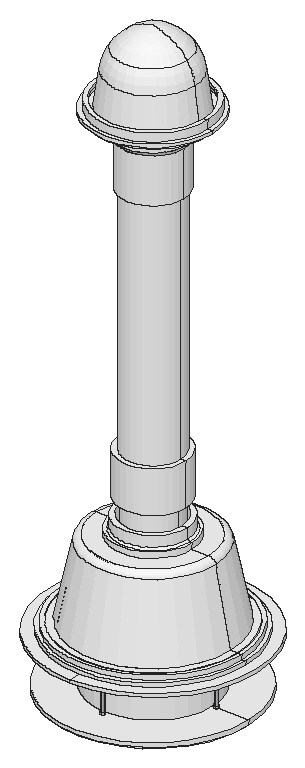
Revit family "R1200-JD-W31P24L-R1104", category Plumbing Fixtures, host Face, Revit 2018
Family settings
  Host = Face
  Round Connector Dimension = Use Radius
  Part Type = Normal
  Cut with Voids When Loaded = No
  Shared = No
  Room Calculation Point = No
Parameters (values of type "R1202,3,4-JD-W31P24L-R1104_4" Drain Pipe Size")
  WFU = 0
  URL = "WWW.MIFAB.COM"
  Pipe Radius = Pipe Diameter / 2  # 0' - 2"
  Pipe Diameter = 0' - 4"
  No Hub Standard Height = 0' - 6 1/2"
  Model = "R1202,3,4-JD-W31P24L-R1104"
  Manufacturer = "MIFAB"
  Floor Drain Material = Paint - Sherwin Williams Paint - #952C2A - Bellwood Red
  Description = "LARGE GREEN ROOF DRAIN WITH PERFORATED PVC STANDPIPE, STAINLESS STEEL MESH COVERED CAST IRON DOME AND TOP POLY DOME STRAINER"
  Default Elevation = 0' - 0"
  CWFU = 0
  Bottom Height = 0' - 3 1/2"
  Assembly Code = ""
Types (7): name | Pipe Radius | Pipe Diameter | No Hub Standard Height | Model
  (no name) | 0' - 2" | 0' - 4" | 0' - 6 1/2" | "R1202,3,4-JD-W31P24L-R1104"
  R1205,6-JD-W31P24L-R1104_6" Drain Pipe Size | 0' - 3" | 0' - 6" | 0' - 6 1/2" | "R1205,6-JD-W31P24L-R1104"
  R1208-JD-W31P24L-R1104_8" Drain Pipe Size | 0' - 4" | 0' - 8" | 0' - 6 1/2" | "R1208-JD-W31P24L-R1104"
  R1205,6-JD-W31P24L-R1104_5" Drain Pipe Size | 0' - 2 1/2" | 0' - 5" | 0' - 6 3/4" | "R1205,6-JD-W31P24L-R1104"
  R1202,3,4-JD-W31P24L-R1104_4" Drain Pipe Size | 0' - 2" | 0' - 4" | 0' - 6 1/2" | "R1202,3,4-JD-W31P24L-R1104"
  R1202,3,4-JD-W31P24L-R1104_3" Drain Pipe Size | 0' - 1 1/2" | 0' - 3" | 0' - 6 1/2" | "R1202,3,4-JD-W31P24L-R1104"
  R1202,3,4-JD-W31P24L-R1104_2" Drain Pipe Size | 0' - 1" | 0' - 2" | 0' - 6 1/2" | "R1202,3,4-JD-W31P24L-R1104"
Reference planes (in)
  plane 1 "Center (Front/Back)": y = 0
  plane 2: z = 0
  plane 3 "Center (Left/Right)": x = 0
  plane 4: z = -7.25
  plane 5: z = -3
  plane 6: z = -5
  plane 7: y = -2
  plane 8: y = 2
  plane 9: x = -2.5
  plane 10: x = 2.5
  plane 11: z = 6.125
  plane 12: x = 7.5
  plane 13: x = -7.5
  plane 14: y = 7.5
  plane 15: y = -7.5
  plane 16: z = -5.14286
  plane 17: z = -0.25
  plane 18: z = -6.5
  plane 19: y = 3.75
  plane 20: y = -3.75
  plane 21: y = 4.8125
  plane 22: y = -4.8125
  plane 23: x = 6.23869
  plane 24: x = -6.5
  plane 25: z = -3.5
  plane 26: z = -4.26379
  plane 27: x = 6.5
  plane 28: z = 30.125
  plane 29: x = 4
  plane 30: x = -4
  plane 31: z = 33.5625
  plane 32: z = 39.0625
Forms (in)
  Revolve 1, solid, material "Paint - Sherwin Williams Paint - #952C2A - Bellwood Red" <- "Floor Drain Material"
    sketch origin (0, 0.04396, -2.375) x (0, 1, 0) y (0, 0, 1)
      loop
        line (-4.16896, 2.375) -> (-7.54396, 2.375) -> (-7.54396, 2.125) -> (-4.85646, 2.125) -> (-4.85646, 1.375) -> (-4.29396, 1.375) -> (-4.29396, -2.0625) -> (-2.04396, -2.0625) -> (-2.04396, -4.125) -> (-1.79396, -4.125) -> (-1.79396, -1.8125) -> (-3.66896, -1.8125) -> (-3.66896, -0.625) -> (-4.16896, -0.625) -> (-4.16896, 2.375)
      axis (-0.04396, 2.375) -> (-0.04396, -4.125)
    angle from 0 to 360
  Revolve 2, solid, material "Paint - Sherwin Williams Paint - #952C2A - Bellwood Red" <- "Floor Drain Material"
    sketch origin (0, 0, 7.5) x (1, 0, 0) y (0, 0, 1)
      loop
        line (2.51054, -1.375) -> (2.51054, -1.70312) -> (4.05571, -1.70312)
        arc (4.05571, -1.70312) -> (4.16387, -1.74143) -> (4.22383, -1.83927) r 0.17188
        line (4.22383, -1.83927) -> (5.37391, -7.25) -> (6.13967, -7.25) -> (6.13967, -6.92209) -> (5.63967, -6.92209) -> (4.54478, -1.77104)
        arc (4.54478, -1.77104) -> (4.37037, -1.48643) -> (4.05571, -1.375) r 0.5
        line (4.05571, -1.375) -> (2.51054, -1.375)
      loop
        line (2.5, -0.07905) -> (2.16384, -0.07905) -> (2.16384, -1.51036) -> (2.5, -1.51036) -> (2.5, -1.36532) -> (2.84059, -1.36532) -> (2.84059, -0.96751) -> (2.63131, -0.96751)
        arc (2.63131, -0.96751) -> (2.53846, -0.92905) -> (2.5, -0.8362) r 0.13131
        line (2.5, -0.8362) -> (2.5, -0.07905)
      axis (0, -7.25) -> (0, -0.07905)
    angle from 0 to 360
  Revolve 3, solid, material "Paint - Sherwin Williams Paint - #952C2A - Bellwood Red" <- "Floor Drain Material"
    sketch origin (0, 0, 0) x (1, 0, 0) y (0, 0, 1)
      loop
        line (6.72286, 0) -> (6.72286, 0.25) -> (6.43654, 0.25) -> (6.43654, 0.57791) -> (6.13967, 0.57791) -> (6.13967, 0.25) -> (1.27391, 0.25) -> (1.27391, 0.40312) -> (0, 0.40312) -> (0, 0) -> (6.72286, 0)
      axis (0, 0) -> (0, 0.57791)
    angle from 0 to 360
  Revolve 4, solid, material "Paint - Sherwin Williams Paint - #952C2A - Bellwood Red" <- "Floor Drain Material"
    sketch origin (0, 0, 0) x (1, 0, 0) y (0, 0, 1)
      loop
        line (6.9375, -3.5) -> (4.35041, -3.5) -> (4.35041, -4.01379) -> (5.35041, -4.01379) -> (5.35041, -4.26379) -> (5.85041, -4.26379) -> (5.85041, -4.01379) -> (6.6875, -4.01379) -> (6.6875, -3.80633) -> (6.9375, -3.80633) -> (6.9375, -3.5)
      axis (0, -4.26379) -> (0, -3.5)
    angle from 0 to 360
  Revolve 5, solid, material "Paint - Sherwin Williams Paint - #952C2A - Bellwood Red" <- "Floor Drain Material"
    sketch origin (0, 0, 0) x (1, 0, 0) y (0, 0, 1)
      loop
        line (-1.89029, 6.82491) -> (-1.57196, 6.82491) -> (-1.57196, 9.24517) -> (-1.89029, 9.24517) -> (-1.89029, 9.99517) -> (-1.73404, 9.99517) -> (-1.73404, 30.125) -> (-2, 30.125) -> (-2, 11.67095) -> (-2.39029, 11.67095) -> (-2.39029, 8.67095) -> (-1.89029, 8.67095) -> (-1.89029, 6.82491)
      axis (0, 6.82491) -> (0, 30.125)
    angle from 0 to 360
  Revolve 6, solid, material "Paint - Sherwin Williams Paint - #952C2A - Bellwood Red" <- "Floor Drain Material"
    sketch origin (0, 0, 0) x (1, 0, 0) y (0, 0, 1)
      loop
        line (-2, 28.625) -> (-2, 31.875) -> (-2.23583, 31.875) -> (-2.23583, 28.625) -> (-2, 28.625)
      axis (0, 28.625) -> (0, 31.875)
    angle from 0 to 360
  Revolve 7, solid, material "Paint - Sherwin Williams Paint - #952C2A - Bellwood Red" <- "Floor Drain Material"
    sketch origin (0, 0, 0) x (1, 0, 0) y (0, 0, 1)
      loop
        line (-2, 30.5625) -> (-1.75, 30.5625) -> (-1.75, 31.76425) -> (-2.31305, 32.3273) -> (-2.31305, 33.5625) -> (-4, 33.5625) -> (-4, 33.29297) -> (-2.58357, 33.29297) -> (-2.58357, 32.24427) -> (-2, 31.6607) -> (-2, 30.5625)
      axis (0, 30.5625) -> (0, 33.5625)
    angle from 0 to 360
  Revolve 8, solid, material "Paint - Sherwin Williams Paint - #952C2A - Bellwood Red" <- "Floor Drain Material"
    sketch origin (0, 0, 0) x (1, 0, 0) y (0, 0, 1)
      loop
        line (0, 33.5625) -> (0, 39.0625)
        arc (0, 39.0625) -> (-1.38911, 38.60009) -> (-2.47263, 37.61549) r 3.5426
        arc (-2.47263, 37.61549) -> (-2.84738, 36.93548) -> (-3.04773, 36.18534) r 3.20685
        line (-3.04773, 36.18534) -> (-3.38725, 33.76953) -> (-3.82321, 33.76953) -> (-3.82321, 34.14536) -> (-3.68984, 34.14536) -> (-3.68984, 34.32676) -> (-4, 34.32676) -> (-4, 33.76953) -> (-4.30682, 33.76953) -> (-4.30682, 33.5625) -> (0, 33.5625)
      axis (0, 33.5625) -> (0, 39.0625)
    angle from 0 to 360
Lines and regions (in)
  model lines, not visible
    curve 1: line (6.7156, 0, 9.07611) -> (12.5156, 0, 9.07611)
    curve 2: line (12.5156, 0, 9.07611) -> (12.5156, 0, 10.82611)
    curve 3: line (12.5156, 0, 10.82611) -> (6.7156, 0, 10.82611)
    curve 4: line (6.7156, 0, 10.82611) -> (6.7156, 0, 9.07611)
    curve 5: line (7.13163, 0, 10.86539) -> (7.13163, 0, 12.86539)
    curve 6: line (7.13163, 0, 12.86539) -> (15.53163, 0, 12.86539)
    curve 7: line (15.53163, 0, 12.86539) -> (15.53163, 0, 10.86539)
    curve 8: line (11.33163, 0, 12.86539) -> (11.33163, 0, 12.36539)
    curve 9: line (0, 28.52778, -10.8585) -> (0, 28.52778, -8.6085)
    curve 10: line (0, 28.52778, -8.6085) -> (0, 21.02778, -8.6085)
    curve 11: line (0, 21.02778, -8.6085) -> (0, 21.02778, -10.8585)
    curve 12: line (0, 24.77778, -8.6085) -> (0, 24.77778, -9.1085)
    curve 13: line (13.30546, 0, 10.44272) -> (13.30546, 0, 12.69272)
    curve 14: line (13.30546, 0, 12.69272) -> (26.80546, 0, 12.69272)
    curve 15: line (26.80546, 0, 12.69272) -> (26.80546, 0, 10.44272)
    curve 16: line (20.05546, 0, 12.69272) -> (20.05546, 0, 13.19272)
    curve 17: line (9.1978, 0, 16.37268) -> (9.1978, 0, 18.62268)
    curve 18: line (9.1978, 0, 18.62268) -> (22.1978, 0, 18.62268)
    curve 19: line (22.1978, 0, 18.62268) -> (22.1978, 0, 16.37268)
    curve 20: line (15.6978, 0, 18.62268) -> (15.6978, 0, 17.87268)
Dimensions and locks (in)
  locked: plane 5 to plane 4 at 4.25
  equal spacing: plane 8, plane 1 "Center (Front/Back)", plane 7
  "Pipe Diameter": plane 8 to plane 7
  "Pipe Radius": plane 1 "Center (Front/Back)" to plane 7
  plane 11 to level = 0' - 6 1/8"
  plane 13 to plane 3 "Center (Left/Right)" to plane 12 = 0' - 7 1/2" locked, 0' - 7 1/2" locked
  plane 13 to plane 12 = 1' - 3"  (x3)
  plane 15 to plane 1 "Center (Front/Back)" to plane 14 = 0' - 7 1/2" locked, 0' - 7 1/2" locked
  plane 15 to plane 14 = 1' - 3"
  locked: plane 2 to plane 17 at 0.25
  "No Hub Standard Height": plane 2 to plane 18
  equal spacing: plane 19, plane 1 "Center (Front/Back)", plane 20
  plane 19 to plane 20 = 0' - 7 1/2"
  locked: Revolve 1 sketch curve to plane 15 at 2.6875
  plane 21 to plane 22 = 0' - 9 5/8"
  locked: plane 6 to plane 18 at 1.5
  Revolve 1 sketch curve to plane 22 = 0' - 0 9/16"
  locked: plane 11 to plane 2 at 6.125
  locked: plane 25 to plane 26 at 0.76379
  "Bottom Height": plane 2 to plane 25
  equal spacing: plane 24, plane 3 "Center (Left/Right)", plane 27
  plane 24 to plane 27 = 1' - 1"
  locked: plane 28 to plane 11 at 24
  equal spacing: plane 30, plane 3 "Center (Left/Right)", plane 29
  locked: plane 30 to plane 29 at 8
  locked: plane 31 to plane 28 at 3.4375
  locked: plane 32 to plane 31 at 5.5
  aligned and locked: plane 2 to host face
  aligned and locked: level to host face
  aligned and locked: Revolve 1 sketch curve to plane 18
  aligned and locked: plane 17 to Revolve 1 sketch curve
  aligned and locked: plane 15 to Revolve 1 sketch curve
  aligned and locked: Revolve 2 sketch curve to plane 11
  aligned and locked: plane 25 to Revolve 4 sketch curve
  aligned and locked: plane 26 to Revolve 4 sketch curve
  aligned and locked: plane 1 "Center (Front/Back)" to nested 1
  aligned and locked: nested 1 to Revolve 1
  aligned and locked: nested 2 to Revolve 1
  aligned and locked: nested 3 to Revolve 1
  aligned and locked: nested 4 to Revolve 1
  aligned and locked: nested 2 to plane 1 "Center (Front/Back)"
  aligned and locked: plane 3 "Center (Left/Right)" to nested 4
  aligned and locked: plane 3 "Center (Left/Right)" to nested 3
Automatic sketch dimensions
  curve 5 to curve 7 = 0' - 8.4"
  curve 5 to curve 8 = 0' - 4.2"
  curve 5 to curve 5 = 0' - 2"
  curve 7 to curve 6 = 0' - 2"
  curve 8 to curve 8 = 0' - 0 1/2"
  host sketch curve to host sketch curve = 8' - 0"  (x2)
  Revolve 1 sketch curve to plane 5 = 0' - 0"
  Revolve 1 sketch curve to level = 0' - 0"
  plane 20 to Revolve 1 sketch curve = 0' - 0 1/8"
  Revolve 1 sketch curve to plane 7 = 0' - 0"
  Revolve 1 sketch curve to plane 1 "Center (Front/Back)" = 0' - 0"
  Revolve 1 sketch curve to plane 4 = 0' - 0"
  plane 6 to Revolve 1 sketch curve = 0' - 0 9/16"
  Revolve 1 sketch curve to plane 20 = 0' - 0 3/8"
  Revolve 1 sketch curve to plane 7 = 0' - 0 1/4"
  plane 6 to Revolve 1 sketch curve = 0' - 0 13/16"
  Revolve 1 sketch curve to plane 17 = 0' - 0 3/4"
  Revolve 1 sketch curve to plane 5 = 0' - 0 1/4"
  Revolve 4 sketch curve to plane 3 "Center (Left/Right)" = 0' - 0"
  Revolve 4 sketch curve to plane 10 = 0' - 1.85041"
  Revolve 4 sketch curve to plane 23 = 0' - 0.88828"
  Revolve 4 sketch curve to plane 23 = 0' - 0.38828"
  Revolve 4 sketch curve to Revolve 4 sketch curve = 0' - 0 1/4"  (x3)
  Revolve 4 sketch curve to Revolve 4 sketch curve = 0' - 0.20746"
  plane 11 to Revolve 4 sketch curve = 0' - 11.79464"
  Revolve 4 sketch curve to Revolve 4 sketch curve = 0' - 2 1/4"
  plane 23 to Revolve 4 sketch curve = 0' - 0.44881"
  Revolve 3 sketch curve to plane 3 "Center (Left/Right)" = 0' - 0"  (x2)
  Revolve 3 sketch curve to level = 0' - 0"
  Revolve 3 sketch curve to plane 23 = 0' - 0.09902"
  Revolve 3 sketch curve to plane 27 = 0' - 0.06346"
  plane 27 to Revolve 3 sketch curve = 0' - 0.22286"
  Revolve 3 sketch curve to Revolve 3 sketch curve = 0' - 0 1/4"
  level to Revolve 3 sketch curve = 0' - 0 1/4"
  Revolve 3 sketch curve to Revolve 3 sketch curve = 0' - 0.32791"
  Revolve 3 sketch curve to Revolve 3 sketch curve = 0' - 0.15312"
  plane 11 to Revolve 3 sketch curve = 0' - 2.65404"
  Revolve 3 sketch curve to Revolve 3 sketch curve = 0' - 1 3/4"
  plane 10 to Revolve 3 sketch curve = 0' - 1.22609"
  Revolve 2 sketch curve to Revolve 2 sketch curve = 0' - 0"  (x2)
  Revolve 2 sketch curve to plane 3 "Center (Left/Right)" = 0' - 0"
  Revolve 2 sketch curve to plane 10 = 0' - 0"
  plane 10 to Revolve 2 sketch curve = 0' - 0"
  Revolve 2 sketch curve to plane 11 = 0' - 0.13536"
  plane 10 to Revolve 2 sketch curve = 0' - 0.33616"
  Revolve 2 sketch curve to plane 10 = 0' - 0.01054"
  Revolve 2 sketch curve to plane 10 = 0' - 0.13131"
  plane 11 to Revolve 2 sketch curve = 0' - 0.00968"
  Revolve 2 sketch curve to Revolve 2 sketch curve = 0' - 0.33005"
  Revolve 2 sketch curve to plane 11 = 0' - 0 21/64"
  Revolve 2 sketch curve to Revolve 2 sketch curve = 0' - 1.21511"
  Revolve 2 sketch curve to plane 11 = 0' - 0.46427"
  Revolve 2 sketch curve to Revolve 2 sketch curve = 0' - 0.16812"
  Revolve 2 sketch curve to plane 11 = 0' - 0.39604"
  level to Revolve 2 sketch curve = 0' - 0 1/4"
  Revolve 2 sketch curve to plane 23 = 0' - 0.86477"
  Revolve 2 sketch curve to Revolve 2 sketch curve = 0' - 0.26576"
  Revolve 2 sketch curve to plane 23 = 0' - 0.09902"
  Revolve 2 sketch curve to Revolve 2 sketch curve = 0' - 0.32791"
  Revolve 2 sketch curve to Revolve 2 sketch curve = 0' - 0.39781"
  Revolve 2 sketch curve to Revolve 2 sketch curve = 0' - 0.75716"
  level to Revolve 2 sketch curve = 0' - 2 1/8"
  Revolve 2 sketch curve to Revolve 2 sketch curve = 0' - 0 1/2"
  Revolve 5 sketch curve to plane 3 "Center (Left/Right)" = 0' - 0"
  Revolve 5 sketch curve to plane 9 = 0' - 0.92804"
  Revolve 5 sketch curve to plane 9 = 0' - 0.76596"
  Revolve 5 sketch curve to Revolve 5 sketch curve = 0' - 0.31833"
  Revolve 5 sketch curve to Revolve 5 sketch curve = 0' - 0 5/32"
  Revolve 5 sketch curve to plane 9 = 0' - 0 1/2"
  Revolve 5 sketch curve to plane 9 = 0' - 0.10971"
  plane 11 to Revolve 5 sketch curve = 0' - 0.69991"
  Revolve 5 sketch curve to Revolve 5 sketch curve = 0' - 1.84605"
  Revolve 5 sketch curve to Revolve 5 sketch curve = 0' - 0 147/256"
  Revolve 5 sketch curve to Revolve 5 sketch curve = 0' - 0 3/4"
  Revolve 5 sketch curve to Revolve 5 sketch curve = 0' - 1 173/256"
  Revolve 5 sketch curve to Revolve 5 sketch curve = 0' - 1"
  plane 28 to Revolve 5 sketch curve = 0' - 3.79595"
  Revolve 5 sketch curve to plane 28 = 0' - 0"
  Revolve 6 sketch curve to plane 3 "Center (Left/Right)" = 0' - 0"
  Revolve 6 sketch curve to plane 9 = 0' - 0 1/2"
  Revolve 6 sketch curve to Revolve 6 sketch curve = 0' - 0.23583"
  Revolve 6 sketch curve to plane 28 = 0' - 1 1/2"
  plane 28 to Revolve 6 sketch curve = 0' - 1 3/4"
  Revolve 6 sketch curve to Revolve 6 sketch curve = 0' - 2.04595"
  Revolve 6 sketch curve to Revolve 6 sketch curve = 0' - 1"
  Revolve 7 sketch curve to plane 30 = 0' - 0"
  Revolve 7 sketch curve to plane 3 "Center (Left/Right)" = 0' - 0"
  Revolve 7 sketch curve to plane 9 = 0' - 0.18695"
  Revolve 7 sketch curve to plane 9 = 0' - 0 1/2"
  Revolve 7 sketch curve to Revolve 7 sketch curve = 0' - 0 1/4"
  plane 28 to Revolve 7 sketch curve = 0' - 0 7/16"
  Revolve 7 sketch curve to Revolve 7 sketch curve = 0' - 1.0982"
  Revolve 7 sketch curve to Revolve 7 sketch curve = 0' - 0.10355"
  Revolve 7 sketch curve to Revolve 7 sketch curve = 0' - 0.58357"
  Revolve 7 sketch curve to Revolve 7 sketch curve = 0' - 0.08303"
  Revolve 7 sketch curve to Revolve 7 sketch curve = 0' - 0.96567"
  Revolve 7 sketch curve to Revolve 7 sketch curve = 0' - 0.35845"
  Revolve 7 sketch curve to Revolve 7 sketch curve = 0' - 1"
  Revolve 7 sketch curve to Revolve 7 sketch curve = 0' - 0 69/256"
  plane 9 to Revolve 7 sketch curve = 0' - 0.08357"
  Revolve 8 sketch curve to plane 31 = 0' - 0"
  plane 30 to Revolve 8 sketch curve = 0' - 0"
  Revolve 8 sketch curve to plane 3 "Center (Left/Right)" = 0' - 0"  (x2)
  Revolve 8 sketch curve to plane 32 = 0' - 0"
  plane 30 to Revolve 8 sketch curve = 0' - 0.30682"
  Revolve 8 sketch curve to plane 30 = 0' - 0.17679"
  Revolve 8 sketch curve to Revolve 8 sketch curve = 0' - 0.13337"
  Revolve 8 sketch curve to Revolve 8 sketch curve = 0' - 0.30259"
  plane 9 to Revolve 8 sketch curve = 0' - 0.54773"
  plane 3 "Center (Left/Right)" to Revolve 8 sketch curve = 0' - 0.12792"
  Revolve 8 sketch curve to Revolve 8 sketch curve = 0' - 0.27227"
  plane 31 to Revolve 8 sketch curve = 0' - 0 53/256"  (x2)
  Revolve 8 sketch curve to Revolve 8 sketch curve = 0' - 0.37583"
  Revolve 8 sketch curve to Revolve 8 sketch curve = 0' - 0.18139"
  plane 31 to Revolve 8 sketch curve = 0' - 1.98008"
  Revolve 8 sketch curve to Revolve 8 sketch curve = 0' - 0.19646"
  Revolve 8 sketch curve to Revolve 8 sketch curve = 0' - 1.43014"
  Revolve 8 sketch curve to Revolve 8 sketch curve = 0' - 0.35845"
  Revolve 8 sketch curve to Revolve 8 sketch curve = 0' - 0.62162"
Nested families (in)
  nested 1: "Bolt1" at (-4.55567, 0, -4.01379), type "Bolt1"
    with Height 0' - 3.01379"
  nested 2: "Bolt1" at (4.58798, 0, -4.01379) x (0, 1, 0) z (0, 0, 1), type "Bolt1"
    with Height 0' - 3.01379"
  nested 3: "Bolt1" at (0, 4.57488, -4.01379) x (0, 1, 0) z (0, 0, 1), type "Bolt1"
    with Height 0' - 3.01379"
  nested 4: "Bolt1" at (0, -4.57063, -4.01379) x (0, 1, 0) z (0, 0, 1), type "Bolt1"
    with Height 0' - 3.01379"
Connectors (in)
  piping at (0, 0, -6.5), diameter 4, driven by "Pipe Radius", driven by "WFU"
    settings: on Revolve 1, index 2, connector inside diameter 2", connector length 0' - 0", flow factor 0, pipe flow 0 GPM, pressure drop 0.00 psi, fitting loss kfactor 0, connector angle 0.00°, fixture units 0, engagement length 0' - 0", angle of deflection 0.00°, flow configuration 3, flow direction 2, fitting loss method 0, system type 16, joint type 0, gender type 0, connector reference index -1, connector utility 0, adjustable connector no, is connector primary yes, connector description "Sanitary Out"
Definition of nested family "Bolt1"
  Parameters (values of type "Bolt1")
    Material = none
    Height [instance] = 1' - 1.38583"
    Default Elevation = 4' - 0"
  Reference planes (in)
    plane 1 "Center (Front/Back)": y = 0
    plane 2: z = 0
    plane 3 "Center (Left/Right)": x = 0
    plane 4: z = 13.38583
    plane 5: z = 0.51562
    plane 6: z = 0.67452
  Forms (in)
    Extrusion 1, solid
      sketch origin (0, 0, 0) x (1, 0, 0) y (0, 1, 0)
        loop
          line (-48, 48) -> (-48, -48) -> (48, -48) -> (48, 48) -> (-48, 48)
      from 0 to -12
    Revolve 2, solid, material <- "Material"
      sketch origin (0, 0, 0) x (1, 0, 0) y (0, 0, 1)
        loop
          line (0, 13.38583) -> (0, -0.33562) -> (0.11073, -0.33562) -> (0.11073, -0.09843) -> (0.20961, -0.09843) -> (0.20961, 0) -> (0.07382, 0) -> (0.07382, 12.93209) -> (0.11234, 12.93209)
          arc (0.11234, 12.93209) -> (0.14919, 12.94735) -> (0.16446, 12.9842) r 0.05211
          line (0.16446, 12.9842) -> (0.16446, 13.38583) -> (0, 13.38583)
        axis (0, -0.33562) -> (0, 13.38583)
      angle from 0 to 360
    Extrusion 3, solid, material <- "Material"
      sketch origin (0, 0, 0) x (1, 0, 0) y (0, 1, 0)
        loop
          line (0, 0.16446) -> (-0.14242, 0.08223) -> (-0.14242, -0.08223) -> (0, -0.16446) -> (0.14242, -0.08223) -> (0.14242, 0.08223) -> (0, 0.16446)
      from 0.51562 to 0.67452
  Dimensions and locks (in)
    "Height": plane 4 to plane 2
    aligned and locked: plane 2 to Extrusion 1
    aligned and locked: level to Extrusion 1
    aligned and locked: Revolve 2 sketch curve to plane 3 "Center (Left/Right)"
    aligned and locked: Extrusion 1 to Revolve 2 sketch curve
    aligned and locked: Extrusion 3 to plane 5
    aligned and locked: plane 6 to Extrusion 3
  Automatic sketch dimensions
    Extrusion 1 sketch curve to Extrusion 1 sketch curve = 8' - 0"  (x2)
    Revolve 2 sketch curve to plane 3 "Center (Left/Right)" = 0' - 0"
    Revolve 2 sketch curve to plane 4 = 0' - 0"
    plane 3 "Center (Left/Right)" to Revolve 2 sketch curve = 0' - 0.07382"
    Revolve 2 sketch curve to Revolve 2 sketch curve = 0' - 0.11073"
    Revolve 2 sketch curve to Revolve 2 sketch curve = 0' - 0.03852"
    plane 3 "Center (Left/Right)" to Revolve 2 sketch curve = 0' - 0.16446"
    Revolve 2 sketch curve to Revolve 2 sketch curve = 0' - 0.13579"
    Revolve 2 sketch curve to level = 0' - 0.09843"
    Revolve 2 sketch curve to Revolve 2 sketch curve = 0' - 0.23719"
    Revolve 2 sketch curve to plane 4 = 0' - 0.45374"
    Revolve 2 sketch curve to Revolve 2 sketch curve = 0' - 5.38878"
    Revolve 2 sketch curve to Revolve 2 sketch curve = 0' - 5.51181"
